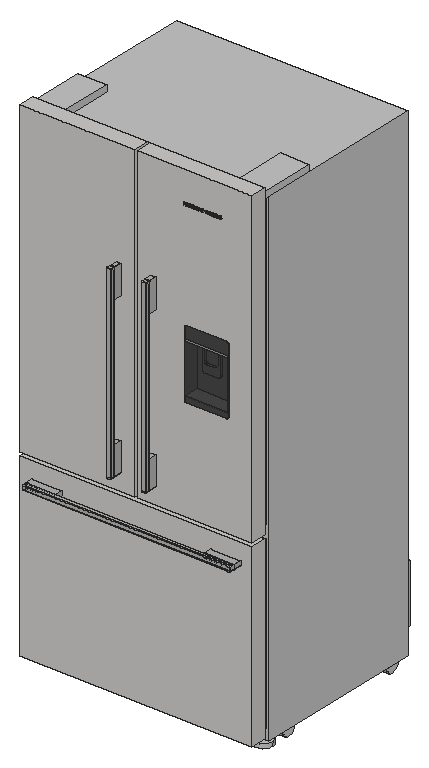
Revit family "FP-Revit18-RF522ADUSX5-Fridges", category Specialty Equipment, Revit 2018 (continued)
Definition of nested family "F&P Handle Kit - Contemporary Round - Horizontal"
  Forms (mm)
    Extrusion 6, solid, material <- "Material - Handle", detail levels coarse+medium
      sketch origin (0, 0, 0) x (0, 1, 0) y (0, 0, 1)
        loop
          line (0, 8.7) -> (-32.3, 8.7)
          arc (-32.3, 8.7) -> (-41, 0) -> (-32.3, -8.7) r 8.7
          line (-32.3, -8.7) -> (0, -8.7) -> (0, 8.7)
      from 255 to 355
    Extrusion 7, solid, material <- "Material - Handle", detail levels coarse+medium
      sketch origin (0, 0, 0) x (0, 1, 0) y (0, 0, -1)
        loop
          line (0, -8.7) -> (0, 8.7) -> (-32.3, 8.7)
          arc (-32.3, 8.7) -> (-41, 0) -> (-32.3, -8.7) r 8.7
          line (-32.3, -8.7) -> (0, -8.7)
      from 255 to 355
  Cuts and joins
    Sweep 4 cuts Extrusion 2
    Sweep 5 cuts Extrusion 3
  Lines and regions (mm)
    sketch lines
      curve 1: line (355, 0, 8.7) -> (355, -32.3, 8.7)
      curve 2: arc (355, -32.3, -8.7) -> (355, -41, 0) -> (355, -32.3, 8.7) r 8.7
      curve 3: line (355, -32.3, -8.7) -> (355, 0, -8.7)
      curve 4: line (-355, -32.3, 8.7) -> (-355, 0, 8.7)
      curve 5: arc (-355, -32.3, 8.7) -> (-355, -41, 0) -> (-355, -32.3, -8.7) r 8.7
      curve 6: line (-355, 0, -8.7) -> (-355, -32.3, -8.7)
  Dimensions and locks
    equal spacing: plane 4 "Product LHS", plane 3 "Center (Left/Right)", plane 5 "Product RHS"
    "Handle - Length": plane 4 "Product LHS" to plane 5 "Product RHS"
    "Handle Standoff - Length": plane 4 "Product LHS" to plane 6 "LHS Standoff"
    "Handle Standoff - Length": plane 7 "RHS Standoff" to plane 5 "Product RHS"
    equal spacing: Extrusion 2 sketch curve, level, Extrusion 2 sketch curve
    Extrusion 3 sketch curve to Extrusion 3 sketch curve = 17.4 mm
    Extrusion 6 sketch curve to Extrusion 6 sketch curve = 17.4 mm
    Extrusion 7 sketch curve to Extrusion 7 sketch curve = 17.4 mm
    aligned and locked: level to plane 2
    aligned and locked: plane 7 "RHS Standoff" to Extrusion 1
    aligned and locked: Extrusion 2 to Extrusion 1
    aligned and locked: Extrusion 2 to plane 5 "Product RHS"
    aligned and locked: plane 4 "Product LHS" to Extrusion 3
    aligned and locked: plane 6 "LHS Standoff" to Extrusion 3
    aligned and locked: Extrusion 1 to plane 6 "LHS Standoff"
    aligned and locked: Extrusion 6 to Extrusion 1
    aligned and locked: Extrusion 6 to plane 5 "Product RHS"
    aligned and locked: plane 4 "Product LHS" to Extrusion 7
    aligned and locked: Extrusion 7 to Extrusion 1
  Automatic sketch dimensions
    Extrusion 1 sketch curve to level = 0 mm
    plane 1 "Center (Front/Back)" to Extrusion 1 sketch curve = 32.3 mm
    Extrusion 2 sketch curve to plane 1 "Center (Front/Back)" = 0 mm
    Extrusion 2 sketch curve to level = 8.7 mm
    plane 1 "Center (Front/Back)" to Extrusion 2 sketch curve = 32.3 mm
    Extrusion 3 sketch curve to level = 0 mm
    Extrusion 3 sketch curve to plane 1 "Center (Front/Back)" = 0 mm
    Extrusion 3 sketch curve to level = 8.7 mm
    plane 1 "Center (Front/Back)" to Extrusion 3 sketch curve = 32.3 mm
    Sweep 4 sketch curve to profile plane = 0 mm
    profile plane to Sweep 4 sketch curve = 0 mm
    profile plane to Sweep 4 sketch curve = 1 mm
    Sweep 4 sketch curve to profile plane = 1 mm
    Sweep 5 sketch curve to profile plane = 0 mm  (x2)
    profile plane to Sweep 5 sketch curve = 1 mm
    Sweep 5 sketch curve to profile plane = 1 mm
    Extrusion 6 sketch curve to level = 0 mm
    level to Extrusion 6 sketch curve = 8.7 mm
    plane 1 "Center (Front/Back)" to Extrusion 6 sketch curve = 32.3 mm
    Extrusion 6 sketch curve to Extrusion 6 sketch curve = 32.3 mm
    Extrusion 7 sketch curve to level = 0 mm
    level to Extrusion 7 sketch curve = 8.7 mm
    plane 1 "Center (Front/Back)" to Extrusion 7 sketch curve = 32.3 mm
    Extrusion 7 sketch curve to Extrusion 7 sketch curve = 32.3 mm
    radius of Extrusion 1 sketch curve = 8.7 mm
Definition of nested family "F&P Handle Kit - Contemporary Round - Vertical"
  Parameters (values of type "AHS-RD21 - Contemporary round handle (Vertical) 852mm")
    URL = "www.fisherpaykel.com"
    Material - Handle = none
    Manufacturer = "Fisher & Paykel Appliances"
    Handle Standoff - Length = 100 mm
    Handle - Length = 852 mm
    Description = ""
  Types (14, lengths in mm): name | Handle - Length
    AHS-RD21 - Contemporary round handle (Vertical) 852mm | 852
    AHSRD2484W - Contemporary round handle (1 of 2) (Vertical) 727mm | 727
    AHSRD3084W - Contemporary round handle (1 of 2) (Vertical) 727mm | 727
    AHS-RD84 - Contemporary round handle (Vertical) 852mm | 852
    AHSRS3272A - Contemporary round handle (1 of 2) (Vertical) 727mm | 727
    AHSRS80A - Contemporary round handle (1 of 2) (Vertical) 727mm | 727
    AHSRD6121W - Contemporary round handle (1 of 2) (Vertical) 727mm | 727
    AHSRD7621W - Contemporary round handle (1 of 2) (Vertical) 727mm | 727
    25329 AHS-ASBI-A - Contemporary round handle (1 of 2) (Vertical) 727mm | 727
    25374 AHS-ASBI-A - Contemporary round handle (1 of 2) (Vertical) 727mm | 727
    25380 AHS-ASBI-B - Contemporary round handle (1 of 2) (Vertical) 727mm | 727
    25339 AHS-ASBI-B - Contemporary round handle (1 of 2) (Vertical) 727mm | 727
    25376 AHS-RF-522A - Contemporary round handle (1 of 2) (Vertical) 642mm | 642
    25334 AHS-RF-522A - Contemporary round handle (1 of 2) (Vertical) 642mm | 642
  Reference planes
    plane 1 "Center (Front/Back)": y = 0
    plane 2: z = 0
    plane 3 "Center (Left/Right)": x = 0
    plane 4 "Top": z = 426
    plane 5 "Bottom": z = -426
    plane 6 "Top Standoff": z = 326
    plane 7 "Bottom Standoff": z = -326
  Forms (mm)
    Extrusion 1, solid, material <- "Material - Handle"
      sketch origin (0, 0, 0) x (1, 0, 0) y (0, 1, 0)
        loop
          circle (0, -32.3) r 8.7
      from -326 to 326
    Extrusion 2, solid, material <- "Material - Handle", detail levels fine
      sketch origin (0, 0, 0) x (1, 0, 0) y (0, 1, 0)
        loop
          line (-8.7, 0) -> (-8.7, -32.3)
          arc (-8.7, -32.3) -> (0, -41) -> (8.7, -32.3) r 8.7
          line (8.7, -32.3) -> (8.7, 0) -> (-8.7, 0)
      from 326 to 426
    Extrusion 3, solid, material <- "Material - Handle", detail levels fine
      sketch origin (0, 0, 0) x (1, 0, 0) y (0, 1, 0)
        loop
          line (-8.7, 0) -> (-8.7, -32.3)
          arc (-8.7, -32.3) -> (0, -41) -> (8.7, -32.3) r 8.7
          line (8.7, -32.3) -> (8.7, 0) -> (-8.7, 0)
      from -426 to -326
    Sweep 4, void
      path in 3D
        loop
          line (8.7, 0, -426) -> (8.7, -32.3, -426)
          arc (8.7, -32.3, -426) -> (0, -41, -426) -> (-8.7, -32.3, -426) r 8.7
          line (-8.7, -32.3, -426) -> (-8.7, 0, -426)
      profile origin (8.7, -16.15, -426) x (-1, 0, 0) y (0, 0, -1)
        loop
          line (0, 0) -> (0, -1) -> (1, 0) -> (0, 0)
    Sweep 5, void
      path in 3D
        loop
          line (-8.7, 0, 426) -> (-8.7, -32.3, 426)
          arc (-8.7, -32.3, 426) -> (0, -41, 426) -> (8.7, -32.3, 426) r 8.7
          line (8.7, -32.3, 426) -> (8.7, 0, 426)
      profile origin (8.7, -16.15, 426) x (-1, 0, 0) y (0, 0, 1)
        loop
          line (0, 0) -> (0, -1) -> (1, 0) -> (0, 0)
    Extrusion 6, solid, material <- "Material - Handle", detail levels coarse+medium
      sketch origin (0, 0, 0) x (1, 0, 0) y (0, 1, 0)
        loop
          line (-8.7, 0) -> (-8.7, -32.3)
          arc (-8.7, -32.3) -> (0, -41) -> (8.7, -32.3) r 8.7
          line (8.7, -32.3) -> (8.7, 0) -> (-8.7, 0)
      from 326 to 426
    Extrusion 7, solid, material <- "Material - Handle", detail levels coarse+medium
      sketch origin (0, 0, 0) x (1, 0, 0) y (0, 1, 0)
        loop
          line (-8.7, 0) -> (-8.7, -32.3)
          arc (-8.7, -32.3) -> (0, -41) -> (8.7, -32.3) r 8.7
          line (8.7, -32.3) -> (8.7, 0) -> (-8.7, 0)
      from -426 to -326
  Cuts and joins
    Sweep 4 cuts Extrusion 3
    Sweep 5 cuts Extrusion 2
  Lines and regions (mm)
    sketch lines
      curve 1: line (8.7, 0, -426) -> (8.7, -32.3, -426)
      curve 2: arc (-8.7, -32.3, -426) -> (0, -41, -426) -> (8.7, -32.3, -426) r 8.7
      curve 3: line (-8.7, -32.3, -426) -> (-8.7, 0, -426)
      curve 4: line (8.7, -32.3, 426) -> (8.7, 0, 426)
      curve 5: arc (8.7, -32.3, 426) -> (0, -41, 426) -> (-8.7, -32.3, 426) r 8.7
      curve 6: line (-8.7, 0, 426) -> (-8.7, -32.3, 426)
  Dimensions and locks
    equal spacing: plane 4 "Top", level, plane 5 "Bottom"
    "Handle - Length": plane 4 "Top" to plane 5 "Bottom"
    "Handle Standoff - Length": plane 4 "Top" to plane 6 "Top Standoff"
    "Handle Standoff - Length": plane 7 "Bottom Standoff" to plane 5 "Bottom"
    Extrusion 2 sketch curve to Extrusion 2 sketch curve = 17.4 mm
    Extrusion 3 sketch curve to Extrusion 3 sketch curve = 17.4 mm
    Extrusion 6 sketch curve to Extrusion 6 sketch curve = 17.4 mm
    Extrusion 7 sketch curve to Extrusion 7 sketch curve = 17.4 mm
    aligned and locked: level to plane 2
    aligned and locked: plane 4 "Top" to Extrusion 2
    aligned and locked: Extrusion 3 to plane 5 "Bottom"
    aligned and locked: plane 7 "Bottom Standoff" to Extrusion 3
    aligned and locked: Extrusion 1 to plane 7 "Bottom Standoff"
    aligned and locked: plane 6 "Top Standoff" to Extrusion 1
    aligned and locked: Extrusion 2 to Extrusion 1
    aligned and locked: Extrusion 6 to Extrusion 1
    aligned and locked: plane 4 "Top" to Extrusion 6
    aligned and locked: Extrusion 7 to Extrusion 1
    aligned and locked: Extrusion 7 to plane 5 "Bottom"
  Automatic sketch dimensions
    Extrusion 1 sketch curve to plane 3 "Center (Left/Right)" = 0 mm
    plane 1 "Center (Front/Back)" to Extrusion 1 sketch curve = 32.3 mm
    plane 1 "Center (Front/Back)" to Extrusion 2 sketch curve = 0 mm
    Extrusion 2 sketch curve to plane 3 "Center (Left/Right)" = 0 mm
    Extrusion 2 sketch curve to plane 3 "Center (Left/Right)" = 8.7 mm
    plane 1 "Center (Front/Back)" to Extrusion 2 sketch curve = 32.3 mm
    plane 1 "Center (Front/Back)" to Extrusion 3 sketch curve = 0 mm
    Extrusion 3 sketch curve to plane 3 "Center (Left/Right)" = 0 mm
    Extrusion 3 sketch curve to plane 3 "Center (Left/Right)" = 8.7 mm
    plane 1 "Center (Front/Back)" to Extrusion 3 sketch curve = 32.3 mm
    Sweep 4 sketch curve to profile plane = 0 mm  (x2)
    Sweep 4 sketch curve to profile plane = 1 mm  (x2)
    Sweep 5 sketch curve to profile plane = 0 mm  (x2)
    Sweep 5 sketch curve to profile plane = 1 mm  (x2)
    Extrusion 6 sketch curve to plane 3 "Center (Left/Right)" = 0 mm
    Extrusion 6 sketch curve to plane 3 "Center (Left/Right)" = 8.7 mm
    plane 1 "Center (Front/Back)" to Extrusion 6 sketch curve = 32.3 mm
    Extrusion 6 sketch curve to Extrusion 6 sketch curve = 32.3 mm
    Extrusion 7 sketch curve to plane 3 "Center (Left/Right)" = 0 mm
    Extrusion 7 sketch curve to plane 3 "Center (Left/Right)" = 8.7 mm
    plane 1 "Center (Front/Back)" to Extrusion 7 sketch curve = 32.3 mm
    Extrusion 7 sketch curve to Extrusion 7 sketch curve = 32.3 mm
    radius of Extrusion 1 sketch curve = 8.7 mm
